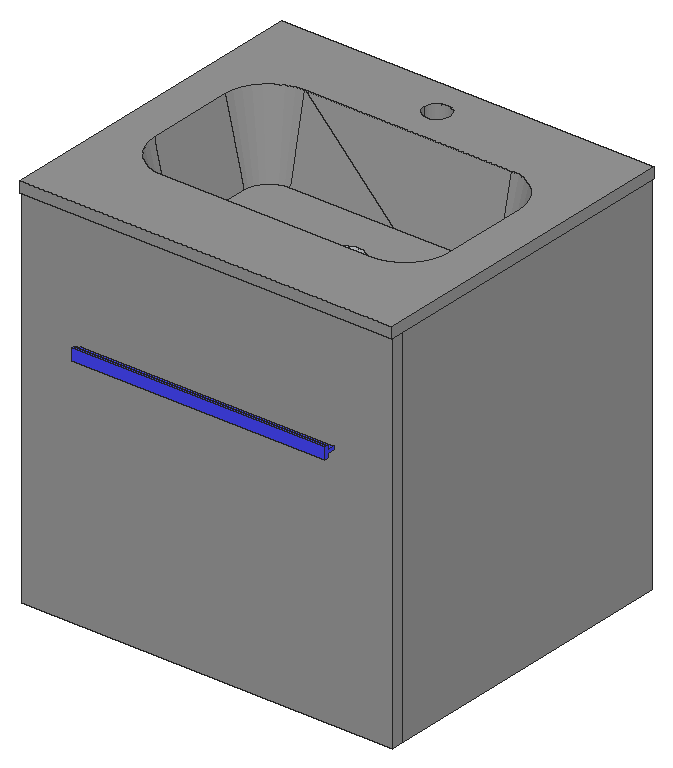
Revit family "MUEBLE ARIZONA BRUSHED GREY", category Furniture, Revit 2014
Reference planes
  plane 1 "Center (Front/Back)": y = 0
  plane 2: z = 0
  plane 3 "Center (Left/Right)": x = 0
Forms (mm)
  Extrusion 1, solid
    sketch origin (0, 0, 0) x (1, 0, 0) y (0, 1, 0)
      loop
        line (0, 0) -> (504, 0) -> (504, 425) -> (0, 425) -> (0, 0)
    from 345 to 845
  Extrusion 2, solid
    sketch origin (0, 0, 345) x (0, 1, 0) y (0, 0, 1)
      loop
        line (-15, 500) -> (-15, 0) -> (0, 0) -> (0, 500) -> (-15, 500)
    from 0 to 504
  Extrusion 3, solid
    sketch origin (0, 0, 345) x (0, 1, 0) y (0, 0, 1)
      loop
        line (426.845, 500) -> (426.845, 515) -> (-17.555, 515) -> (-17.555, 500) -> (426.845, 500)
    from -1.088 to 505.051
  Blend 4, void
    base sketch origin (0, 0, 0) x (1, 0, 0) y (0, 1, 0)
      loop
        line (252, 300) -> (112, 300)
        arc (112, 300) -> (87.251, 289.749) -> (77, 265) r 35
        line (77, 265) -> (77, 145)
        arc (77, 145) -> (87.251, 120.251) -> (112, 110) r 35
        line (112, 110) -> (252, 110) -> (392, 110)
        arc (392, 110) -> (416.749, 120.251) -> (427, 145) r 35
        line (427, 145) -> (427, 265)
        arc (427, 265) -> (416.749, 289.749) -> (392, 300) r 35
        line (392, 300) -> (252, 300)
    top sketch origin (0, 0, 0) x (1, 0, 0) y (0, 1, 0)
      loop
        arc (112, 325) -> (69.574, 307.426) -> (52, 265) r 60
        line (52, 265) -> (52, 145)
        arc (52, 145) -> (69.574, 102.574) -> (112, 85) r 60
        line (112, 85) -> (392, 85)
        arc (392, 85) -> (434.426, 102.574) -> (452, 145) r 60
        line (452, 145) -> (452, 265)
        arc (452, 265) -> (434.426, 307.426) -> (392, 325) r 60
        line (392, 325) -> (112, 325)
    from 751.852 to 860
  Extrusion 5, solid
    sketch origin (0, 0, 260) x (0, 1, 0) y (0, 0, 1)
      loop
        line (-15, 425) -> (-25, 425) -> (-25, 428)
        arc (-25, 428) -> (-25.586, 429.414) -> (-27, 430) r 2
        line (-27, 430) -> (-30, 430) -> (-30, 415) -> (-27, 415)
        arc (-27, 415) -> (-25.586, 415.586) -> (-25, 417) r 2
        line (-25, 417) -> (-25, 420) -> (-15, 420) -> (-15, 425)
    from 80 to 424
  Extrusion 6, void
    sketch origin (0, 0, 0) x (1, 0, 0) y (0, 1, 0)
      loop
        circle (252, 375) r 17.5
      loop
        circle (252, 220) r 23
    from 721.331 to 860
  Extrusion 7, solid
    sketch origin (0, -116.042, 98.576) x (1, 0, 0) y (0, 0.258819, 0.965926)
      loop
        circle (252, 490) r 10
    from -319.588 to -313.732
Cuts and joins
  Blend 4, Extrusion 6 cuts Extrusion 1
  Blend 4, Extrusion 6 cuts Extrusion 3
  joined: Extrusion 1, Extrusion 3, Extrusion 7
Dimensions and locks
  aligned and locked: level to plane 2
